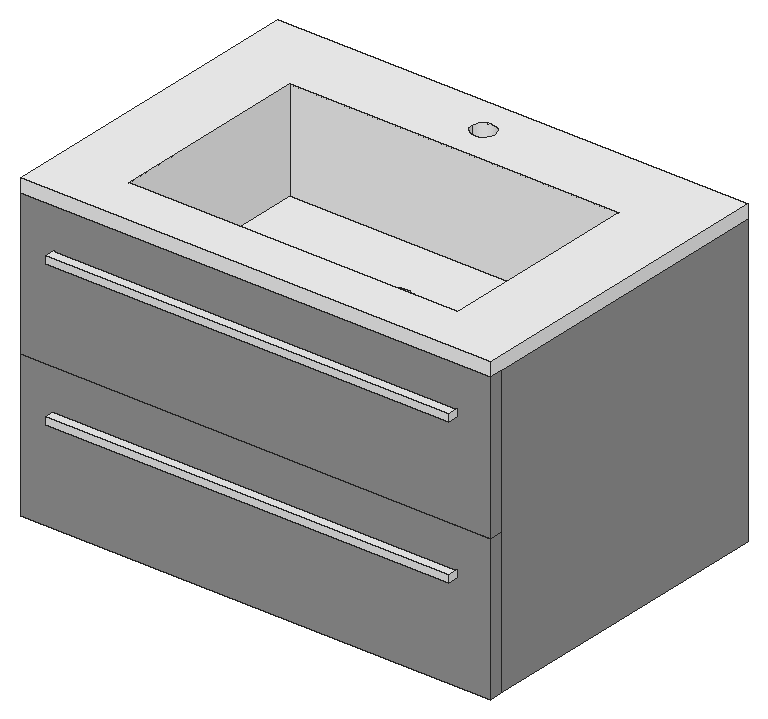
Revit family "MUEBLE SENSE 700 LIGHT BROWN", category Generic Models, Revit 2019
Family settings
  Can host rebar = No
  Round Connector Dimension = Use Diameter
  Part Type = Normal
  Work Plane-Based = No
  Always vertical = Yes
  Cut with Voids When Loaded = No
  Shared = No
  Room Calculation Point = No
Parameters (values of type "ORANS Mueble Orlando Fume (MFC 034) 060,5cm ancho")
  URL = ""
  Profundidad receptáculo = 150 mm
  Prof lavamanos = 300 mm
  Prof borde cub trasero = 110 mm
  Model = ""
  Material tirador = Acero semi pulido
  Material frentes = BLANCO
  Material cubierta = Loza blanco brillo
  Material costados = BLANCO
  Manufacturer = ""
  Largo = 800 mm
  Largo receptáculo = if(Largo = 605 mm, 426 mm, 460 mm)  # 460 mm
  Description = ""
  Ancho tirador = 600 mm
  Ancho borde cub = 155 mm
  Ancho = 480 mm
  Amcho borde cub [instance] = 70 mm
  Alto [instance] = 450 mm
  ANCHO BORDE CUB [instance] = 70 mm
Types (12, lengths in mm): name | Prof lavamanos | Prof borde cub trasero | Material frentes | Material costados | Largo | Largo receptáculo | Ancho tirador | Ancho borde cub | Ancho | Alto
  ORANS Mueble Orlando Fume (MFC 034) 060,5cm ancho | 300 | 110 | BLANCO | BLANCO | 800 | 460 | 600 | 155 | 480 | 450
  ORANS Mueble Orlando Fume (MFC 034) 070,5cm ancho | 275 | 115 | Fume (MFC 034) horizontal | Fume (MFC 034) vertical | 705 | 460 | 250 | 70 | 465 | 570
  ORANS Mueble Orlando Fume (MFC 034) 080,5cm ancho | 275 | 115 | Fume (MFC 034) horizontal | Fume (MFC 034) vertical | 805 | 460 | 250 | 70 | 465 | 570
  ORANS Mueble Orlando Fume (MFC 034) 100,5cm ancho | 275 | 115 | Fume (MFC 034) horizontal | Fume (MFC 034) vertical | 1050 | 460 | 250 | 70 | 465 | 570
  ORANS Mueble Orlando Haya Light (MFC 030) 060,5cm ancho | 275 | 115 | Haya Light (MFC 030) horizontal | Haya Light (MFC 030) vertical | 605 | 426 | 250 | 70 | 465 | 570
  ORANS Mueble Orlando Haya Light (MFC 030) 070,5cm ancho | 275 | 115 | Haya Light (MFC 030) horizontal | Haya Light (MFC 030) vertical | 705 | 460 | 250 | 70 | 465 | 570
  ORANS Mueble Orlando Haya Light (MFC 030) 080,5cm ancho | 275 | 115 | Haya Light (MFC 030) horizontal | Haya Light (MFC 030) vertical | 805 | 460 | 250 | 70 | 465 | 570
  ORANS Mueble Orlando Haya Light (MFC 030) 100,5cm ancho | 275 | 115 | Haya Light (MFC 030) horizontal | Haya Light (MFC 030) vertical | 1050 | 460 | 250 | 70 | 465 | 570
  ORANS Mueble Orlando Oak 1 (MFC 005) 060,5cm ancho | 275 | 115 | Oak1 (MFC 005) horizontal | Oak1 (MFC 005) vertical | 605 | 426 | 250 | 70 | 465 | 570
  ORANS Mueble Orlando Oak 1 (MFC 005) 070,5cm ancho | 275 | 115 | Oak1 (MFC 005) horizontal | Oak1 (MFC 005) vertical | 705 | 460 | 250 | 70 | 465 | 570
  ORANS Mueble Orlando Oak 1 (MFC 005) 080,5cm ancho | 275 | 115 | Oak1 (MFC 005) horizontal | Oak1 (MFC 005) vertical | 805 | 460 | 250 | 70 | 465 | 570
  ORANS Mueble Orlando Oak 1 (MFC 005) 100,5cm ancho | 275 | 115 | Oak1 (MFC 005) horizontal | Oak1 (MFC 005) vertical | 1050 | 460 | 250 | 70 | 465 | 570
Reference planes
  plane 1 "Center (Front/Back)": y = 0
  plane 2: z = 0
  plane 3 "Center (Left/Right)": x = 0
  plane 4: z = 430
  plane 5: z = 450
  plane 6: z = 215
Forms (mm)
  Extrusion 1, solid, material "Loza blanco brillo" <- "Material cubierta"
    sketch origin (0, 0, 0) x (1, 0, 0) y (0, 1, 0)
      loop
        line (-350, -480) -> (350, -480) -> (350, 0) -> (-350, 0) -> (-350, -480)
      loop
        line (-245, -110) -> (-245, -410) -> (245, -410) -> (245, -110) -> (-245, -110)
      loop
        circle (0, -55) r 17.5
    from 430 to 450
  Extrusion 2, solid, material "Loza blanco brillo" <- "Material cubierta"
    sketch origin (0, 0, 0) x (1, 0, 0) y (0, 1, 0)
      loop
        line (-255, -100) -> (-255, -420) -> (255, -420) -> (255, -100) -> (-255, -100)
      loop
        circle (0, -220) r 22.5
    from 290 to 430
  Extrusion 3, void
    sketch origin (0, 0, 0) x (1, 0, 0) y (0, 1, 0)
      loop
        line (-245, -110) -> (-245, -410) -> (245, -410) -> (245, -110) -> (-245, -110)
    from 300 to 430
  Extrusion 4, solid, material "BLANCO" <- "Material costados"
    sketch origin (0, 0, 0) x (1, 0, 0) y (0, 1, 0)
      loop
        line (-350, 0) -> (-350, -460) -> (-329.738, -460) -> (-329.738, 0) -> (-350, 0)
    from 0 to 430
  Extrusion 5, solid, material "BLANCO" <- "Material costados"
    sketch origin (590, 0, 0) x (1, 0, 0) y (0, 1, 0)
      loop
        line (-255, 0) -> (-255, -460) -> (-240, -460) -> (-240, 0) -> (-255, 0)
    from 0 to 430
  Extrusion 6, solid, material "BLANCO" <- "Material frentes"
    sketch origin (0, 0, 0) x (1, 0, 0) y (0, 0, 1)
      loop
        line (-350, 430) -> (-350, 215) -> (350, 215) -> (350, 430) -> (-350, 430)
    from 460 to 480
  Extrusion 7, solid, material "BLANCO" <- "Material frentes"
    sketch origin (0, 0, -200) x (1, 0, 0) y (0, 0, 1)
      loop
        line (-350, 415) -> (-350, 200) -> (350, 200) -> (350, 415) -> (-350, 415)
    from 460 to 480
  Extrusion 8, solid, material "Loza blanco brillo" <- "Material cubierta"
    sketch origin (0, 0, 0) x (1, 0, 0) y (0, 0, 1)
      loop
        line (-329.738, 300) -> (-329.738, 185) -> (335, 185) -> (335, 300) -> (-329.738, 300)
    from 450 to 460
  Extrusion 9, solid, material "Acero semi pulido"
    sketch origin (0, 0, 0) x (1, 0, 0) y (0, 0, 1)
      loop
        line (-300, 370) -> (-300, 360) -> (300, 360) -> (300, 370) -> (-300, 370)
    from 480 to 495.24
  Extrusion 10, solid, material "Acero semi pulido"
    sketch origin (0, 0, -215) x (1, 0, 0) y (0, 0, 1)
      loop
        line (-300, 370) -> (-300, 360) -> (300, 360) -> (300, 370) -> (-300, 370)
    from 480 to 495.24
  Extrusion 11, solid
    sketch origin (0, 0, 0) x (0, 1, 0) y (0, 0, 1)
      loop
        line (0, 430) -> (-20, 430) -> (-20, 20) -> (-460, 20) -> (-460, 0) -> (0, 0) -> (0, 430)
    from -329.738 to 335
Cuts and joins
  Extrusion 3 cuts Extrusion 2
  joined: Extrusion 1, Extrusion 2
Dimensions and locks
  locked: plane 5 to plane 4 at 20
  plane 5 to plane 4 = 20 mm
  "Alto": plane 5 to level
  locked: cut or joined group of Extrusion 1, Extrusion 2, Extrusion 3 to cut or joined group of Extrusion 1, Extrusion 2, Extrusion 3 at 140
  locked: cut or joined group of Extrusion 1, Extrusion 2, Extrusion 3 to cut or joined group of Extrusion 1, Extrusion 2, Extrusion 3 at 130
  equal spacing: plane 4, plane 6, level
  aligned and locked: Extrusion 1 sketch curve to plane 1 "Center (Front/Back)"
  aligned and locked: plane 5 to Extrusion 1
  aligned and locked: Extrusion 1 to plane 4
  aligned and locked: plane 4 to Extrusion 3
  aligned and locked: plane 3 "Center (Left/Right)" to Extrusion 1 sketch curve
  aligned and locked: plane 3 "Center (Left/Right)" to Extrusion 2 sketch curve
  aligned and locked: cut or joined group of Extrusion 1, Extrusion 2, Extrusion 3 to plane 1 "Center (Front/Back)"
  aligned and locked: cut or joined group of Extrusion 1, Extrusion 2, Extrusion 3 to plane 4
  aligned and locked: plane 4 to Extrusion 4
  aligned and locked: Extrusion 4 to plane 1 "Center (Front/Back)"
  aligned and locked: plane 4 to Extrusion 5
  aligned and locked: Extrusion 5 to level
  aligned and locked: Extrusion 5 to plane 4  (x2)
  aligned and locked: level to Extrusion 5  (x2)
  aligned and locked: Extrusion 4 to level
  aligned and locked: Extrusion 4 to plane 4  (x2)
  aligned and locked: plane 5 to cut or joined group of Extrusion 1, Extrusion 2, Extrusion 3
  aligned and locked: cut or joined group of Extrusion 1, Extrusion 2, Extrusion 3 to plane 5  (x2)
  aligned and locked: plane 4 to cut or joined group of Extrusion 1, Extrusion 2, Extrusion 3  (x2)
  aligned and locked: level to Extrusion 4
  aligned and locked: plane 6 to Extrusion 7
  aligned and locked: Extrusion 6 to plane 6
Automatic sketch dimensions
  plane 1 "Center (Front/Back)" to Extrusion 4 sketch curve = 0 mm
  plane 1 "Center (Front/Back)" to Extrusion 5 sketch curve = 0 mm
  Extrusion 6 sketch curve to plane 4 = 0 mm
  Extrusion 6 sketch curve to plane 6 = 0 mm
  Extrusion 7 sketch curve to level = 0 mm
  Extrusion 7 sketch curve to plane 6 = 0 mm
  Extrusion 8 sketch curve to plane 6 = 30 mm
  plane 6 to Extrusion 8 sketch curve = 85 mm
  Extrusion 9 sketch curve to plane 4 = 70 mm
  Extrusion 9 sketch curve to Extrusion 9 sketch curve = 10 mm
  Extrusion 10 sketch curve to plane 6 = 70 mm
  Extrusion 10 sketch curve to Extrusion 10 sketch curve = 10 mm
  Extrusion 1 sketch curve to plane 3 "Center (Left/Right)" = 245 mm
  Extrusion 1 sketch curve to Extrusion 1 sketch curve = 105 mm  (x2)
  plane 3 "Center (Left/Right)" to Extrusion 1 sketch curve = 245 mm
  Extrusion 2 sketch curve to plane 3 "Center (Left/Right)" = 255 mm
  plane 3 "Center (Left/Right)" to Extrusion 2 sketch curve = 255 mm
  Extrusion 3 sketch curve to plane 3 "Center (Left/Right)" = 245 mm
  plane 3 "Center (Left/Right)" to Extrusion 3 sketch curve = 245 mm
  Extrusion 4 sketch curve to plane 3 "Center (Left/Right)" = 350 mm
  Extrusion 4 sketch curve to Extrusion 4 sketch curve = 20.262 mm
  plane 3 "Center (Left/Right)" to Extrusion 5 sketch curve = 335 mm
  Extrusion 5 sketch curve to Extrusion 5 sketch curve = 15 mm
  Extrusion 6 sketch curve to plane 3 "Center (Left/Right)" = 350 mm
  plane 3 "Center (Left/Right)" to Extrusion 6 sketch curve = 350 mm
  Extrusion 7 sketch curve to plane 3 "Center (Left/Right)" = 350 mm
  plane 3 "Center (Left/Right)" to Extrusion 7 sketch curve = 350 mm
  Extrusion 8 sketch curve to plane 3 "Center (Left/Right)" = 329.738 mm
  plane 3 "Center (Left/Right)" to Extrusion 8 sketch curve = 335 mm
  Extrusion 9 sketch curve to plane 3 "Center (Left/Right)" = 300 mm
  plane 3 "Center (Left/Right)" to Extrusion 9 sketch curve = 300 mm
  Extrusion 10 sketch curve to plane 3 "Center (Left/Right)" = 300 mm
  plane 3 "Center (Left/Right)" to Extrusion 10 sketch curve = 300 mm
  plane 1 "Center (Front/Back)" to Extrusion 1 sketch curve = 55 mm
  plane 1 "Center (Front/Back)" to Extrusion 1 sketch curve = 110 mm
  Extrusion 1 sketch curve to Extrusion 1 sketch curve = 300 mm
  Extrusion 1 sketch curve to Extrusion 1 sketch curve = 70 mm
  plane 1 "Center (Front/Back)" to Extrusion 2 sketch curve = 420 mm
  plane 1 "Center (Front/Back)" to Extrusion 2 sketch curve = 220 mm
  plane 1 "Center (Front/Back)" to Extrusion 2 sketch curve = 100 mm
  plane 1 "Center (Front/Back)" to Extrusion 3 sketch curve = 410 mm
  plane 1 "Center (Front/Back)" to Extrusion 3 sketch curve = 110 mm
  plane 1 "Center (Front/Back)" to Extrusion 4 sketch curve = 460 mm
  plane 1 "Center (Front/Back)" to Extrusion 5 sketch curve = 460 mm
  Extrusion 11 sketch curve to level = 0 mm
  Extrusion 11 sketch curve to plane 4 = 0 mm
  Extrusion 11 sketch curve to plane 1 "Center (Front/Back)" = 0 mm
  plane 1 "Center (Front/Back)" to Extrusion 11 sketch curve = 20 mm
  Extrusion 11 sketch curve to Extrusion 11 sketch curve = 440 mm
  level to Extrusion 11 sketch curve = 20 mm
  radius of Extrusion 1 sketch curve = 17.5 mm
  radius of Extrusion 2 sketch curve = 22.5 mm
